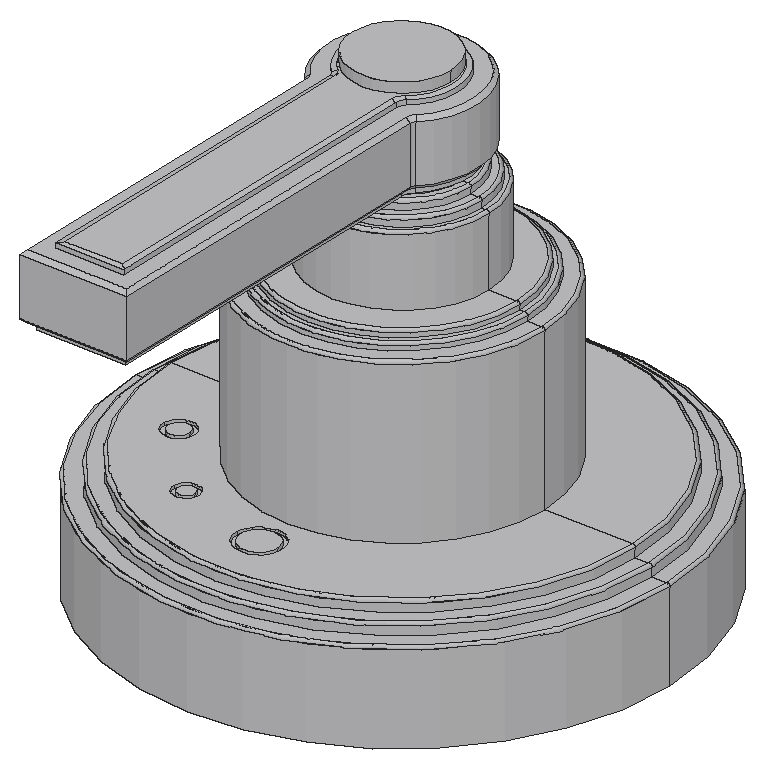
Revit family "Shower-Valve_Trim-KALLISTA-Vir_Stil-P80256", category Specialty Equipment, host Face, Revit 2021
Family settings
  Host = Face
  Round Connector Dimension = Use Diameter
  Part Type = Normal
  OmniClass Number = 23.31.25.00
  OmniClass Title = Toilet and Bath Specialties
  Cut with Voids When Loaded = No
  Shared = No
  Room Calculation Point = No
Parameters (values of type "CP-Chrome")
  Width = 3.75197"  # constant formula
  WaterSense Certified = 1 = 0  # no
  URL = "https://www.kallista.com/"
  Type = 1
  Product Page URL = ""
  Product Name = "Vir Stil"  # constant formula
  Product Documentation Link = ""
  Model = if(Type = 1, "P80256-LV-CP", if(Type = 2, "P80256-LV-SN", if(Type = 3, "P80256-LV-BAF", if(Type = 4, "P80256-LV-BN", "NA"))))  # "P80256-LV-CP"
  Material = "Premium Metal Construction"  # constant formula
  Master Format 2014 Name = "Toilet, Bath, and Laundry Accessories"  # constant formula
  Master Format 2014 = "10 28 00"  # constant formula
  Manufacturer Address = "444 Highland Dr, Kohler, WI 53044"  # constant formula
  Manufacturer = "Kallista Co."  # constant formula
  Length = 3.32677"  # constant formula
  Height = 3.75197"  # constant formula
  Handle Clearance = 2.87402"  # constant formula
  Finish = Kallista-Metal-CP-Chrome
  Environmental Product Declaration = ""
  Description = "Vir Stil Minimal , Volume Control Trim , Lever Handle"  # constant formula
  Default Elevation = 42"
  Declare Label = ""
  Date Modified = "09/15/2023"  # constant formula
  Date Created = "09/15/2023"  # constant formula
  Copyright = "Copyright Kallista Co."  # constant formula
  Contact Us = "https://www.kallista.com/corporate/contact-us/"
  Assembly Code = "C1030200"
  ADA Compliant = 1 = 0  # no
Types (5): name | Type | Model | Finish
  (no name) | 1 | "P80256-LV-CP" | Kallista-Metal-CP-Chrome
  CP-Chrome | 1 | "P80256-LV-CP" | Kallista-Metal-CP-Chrome
  SN-Polished Nickel | 2 | "P80256-LV-SN" | Kallista-Metal-SN-Polished_Nickel
  BAF-Brushed French Gold | 3 | "P80256-LV-BAF" | Kallista-Metal-BAF-Brushed_French_Gold
  BN-Brushed Nickel | 4 | "P80256-LV-BN" | Kallista-Metal-BN-Brushed_Nickel
Reference planes (in)
  plane 1 "Center (Front/Back)": y = 0
  plane 2: z = 0
  plane 3 "Center (Left/Right)": x = 0
  plane 4: x = 1.87598
  plane 5: x = -1.87598
  plane 6: y = 1.87598
  plane 7: y = -1.87598
  plane 8: x = 1.26181
  plane 9: x = 1
  plane 10: x = 0.61024
  plane 11: y = -2.87402
  plane 12: x = -0.37598
  plane 13: x = 0.37598
  plane 14: x = -0.61024
  plane 15: x = -1
  plane 16: x = -1.26181
  plane 17: y = 1.26181
  plane 18: y = -1.26181
  plane 19: z = 3.32677
  plane 20: z = 0.79921
Dimensions and locks (in)
  "Width": plane 5 to plane 4
  plane 6 to plane 11 = 4 3/4"  (x2)
  "Height": plane 6 to plane 7
  plane 16 to plane 8 = 2.52362"
  plane 12 to plane 13 = 0.75197"
  level to plane 20 = 0.79921"  (x2)
  plane 19 to level = 3.32677"
  "Handle Clearance": plane 1 "Center (Front/Back)" to plane 11
  "Length": plane 2 to plane 19
  plane 5 to plane 4 = 3.75197"
  plane 15 to plane 9 = 2"
  plane 14 to plane 10 = 1.22047"
  aligned and locked: plane 2 to host face
  aligned and locked: level to host face
Automatic sketch dimensions
  host sketch curve to host sketch curve = 96"  (x2)
Nested families (in)
  nested 1: "P80256" at (0, 0, 0), type "P80256"
Definition of nested family "P80256"
  Parameters
    Material = none
    Default Elevation = 0"
  Reference planes (in)
    plane 1 "Center (Front/Back)": y = 0
    plane 2: z = 0
    plane 3 "Center (Left/Right)": x = 0
    plane 4: y = 1.87598
    plane 5: y = -1.87598
    plane 6: x = -1.87598
    plane 7: x = 1.87598
    plane 8: x = -1.26181
    plane 9: x = 1.26181
    plane 10: y = 1.26181
    plane 11: y = -1.26181
    plane 12: x = -0.37598
    plane 13: x = 0.37598
    plane 14: x = -1
    plane 15: x = 1
    plane 16: x = -0.61024
    plane 17: x = 0.61024
    plane 18: z = 0.79921
    plane 19: z = 3.32677
    plane 20: y = -2.87402
  Forms (in)
    Revolve 1, solid, material <- "Material", detail levels medium+fine
      sketch origin (0, 0, 0) x (1, 0, 0) y (0, 0, 1)
        loop
          line (-1.87598, 0) -> (0, 0) -> (0, 2.664) -> (-0.46534, 2.664)
          arc (-0.46534, 2.664) -> (-0.47926, 2.65823) -> (-0.48503, 2.64431) r 0.01969
          line (-0.48503, 2.64431) -> (-0.48503, 2.60104) -> (-0.53901, 2.60104)
          arc (-0.53901, 2.60104) -> (-0.55293, 2.59528) -> (-0.5587, 2.58136) r 0.01969
          line (-0.5587, 2.58136) -> (-0.5587, 2.53817) -> (-0.59036, 2.53817)
          arc (-0.59036, 2.53817) -> (-0.60442, 2.53235) -> (-0.61024, 2.51829) r 0.01987
          line (-0.61024, 2.51829) -> (-0.61024, 2.04206) -> (-0.80531, 2.04206)
          arc (-0.80531, 2.04206) -> (-0.81923, 2.0363) -> (-0.825, 2.02238) r 0.01969
          line (-0.825, 2.02238) -> (-0.825, 1.99154) -> (-0.86031, 1.99154)
          arc (-0.86031, 1.99154) -> (-0.87423, 1.98578) -> (-0.88, 1.97186) r 0.01969
          line (-0.88, 1.97186) -> (-0.88, 1.94) -> (-0.98031, 1.94)
          arc (-0.98031, 1.94) -> (-0.99423, 1.93423) -> (-1, 1.92031) r 0.01969
          line (-1, 1.92031) -> (-1, 0.79921) -> (-1.61572, 0.79921)
          arc (-1.61572, 0.79921) -> (-1.62964, 0.79345) -> (-1.63541, 0.77953) r 0.01969
          line (-1.63541, 0.77953) -> (-1.63541, 0.72) -> (-1.73035, 0.72)
          arc (-1.73035, 0.72) -> (-1.74427, 0.71423) -> (-1.75004, 0.70031) r 0.01969
          line (-1.75004, 0.70031) -> (-1.75004, 0.64) -> (-1.8563, 0.64)
          arc (-1.8563, 0.64) -> (-1.87022, 0.63423) -> (-1.87598, 0.62031) r 0.01969
          line (-1.87598, 0.62031) -> (-1.87598, 0)
        axis (0, 2.664) -> (0, 0)
      angle from 0 to 360
    Sweep 2, solid, material <- "Material", detail levels medium+fine
      path origin (0, 0, 0) x (1, 0, 0) y (0, 1, 0)
        loop
          line (0.375, -2.875) -> (0.375, -0.3978)
          arc (0.375, -0.3978) -> (0.37874, -0.37801) -> (0.38945, -0.36096) r 0.0542
          arc (0.38945, -0.36096) -> (0.00081, 0.531) -> (-0.39054, -0.35977) r 0.531
          arc (-0.39054, -0.35977) -> (-0.37902, -0.37822) -> (-0.375, -0.39959) r 0.05876
          line (-0.375, -0.39959) -> (-0.375, -2.875) -> (0.375, -2.875)
      profile origin (0.375, -1.6364, 0) x (-1, 0, 0) y (0, 0, 1)
        loop
          line (0, 3.177) -> (0, 2.777) -> (0.03, 2.747) -> (0.0625, 2.747) -> (0.0625, 2.699) -> (0.11347, 2.6835) -> (0.11347, 3.207) -> (0.03, 3.207) -> (0, 3.177)
    Extrusion 3, solid, material <- "Material", detail levels medium+fine
      sketch origin (0, 0, 0) x (1, 0, 0) y (0, 1, 0)
        loop
          arc (-0.30709, -0.28289) -> (-0.27332, -0.33695) -> (-0.26153, -0.39959) r 0.17223
          line (-0.26153, -0.39959) -> (-0.26153, -2.76153) -> (0.26153, -2.76153) -> (0.26153, -0.3978)
          arc (0.26153, -0.3978) -> (0.2731, -0.33659) -> (0.30623, -0.28383) r 0.16766
          arc (0.30623, -0.28383) -> (0.00064, 0.41753) -> (-0.30709, -0.28289) r 0.41753
      from 3.177 to 3.207
    Sweep 4, solid, material <- "Material", detail levels medium+fine
      path origin (0, 0, 0) x (1, 0, 0) y (0, 1, 0)
        loop
          line (0.235, -2.735) -> (0.235, -0.34428)
          arc (0.235, -0.34428) -> (0.24116, -0.3156) -> (0.25855, -0.29198) r 0.06985
          arc (0.25855, -0.29198) -> (-0.00212, 0.38999) -> (-0.25535, -0.29478) r 0.39
          arc (-0.25535, -0.29478) -> (-0.24033, -0.31484) -> (-0.235, -0.33934) r 0.05895
          line (-0.235, -0.33934) -> (-0.235, -2.735) -> (0.235, -2.735)
      profile origin (0.235, -1.53964, 0) x (-1, 0, 0) y (0, 0, 1)
        loop
          line (0, 3.207) -> (0.03346, 3.207) -> (0.03346, 3.247) -> (0, 3.2385) -> (0, 3.207)
    Extrusion 5, solid, material <- "Material", detail levels medium+fine
      sketch origin (0, 0, 0) x (1, 0, 0) y (0, 1, 0)
        loop
          arc (0.20154, -0.34428) -> (0.21064, -0.30187) -> (0.23636, -0.26693) r 0.10332
          arc (0.23636, -0.26693) -> (-0.00194, 0.35653) -> (-0.23344, -0.26949) r 0.35654
          arc (-0.23344, -0.26949) -> (-0.20989, -0.30094) -> (-0.20154, -0.33934) r 0.09242
          line (-0.20154, -0.33934) -> (-0.20154, -2.70154) -> (0.20154, -2.70154) -> (0.20154, -0.34428)
      from 3.2385 to 3.247
    Extrusion 6, solid, material <- "Material", detail levels medium+fine
      sketch origin (0, 0, 0) x (1, 0, 0) y (0, 1, 0)
        loop
          circle (0, 0) r 0.34476
      from 3.2565 to 3.32727
    Extrusion 7, solid, material <- "Material", detail levels medium+fine
      sketch origin (0, 0, 0) x (1, 0, 0) y (0, 1, 0)
        loop
          circle (0, 0) r 0.28722
      from 3.247 to 3.2565
    Revolve 8, solid, detail levels medium+fine
      sketch origin (0, 0, 0) x (0, 1, 0) y (0, 0, 1)
        loop
          line (0, 2.699) -> (0, 2.66391) -> (0.42142, 2.66391) -> (0.42142, 2.699) -> (0, 2.699)
        axis (0, 2.66391) -> (0, 2.70328)
      angle from 0 to 360
    Extrusion 9, void
      sketch origin (0, 0, 0) x (1, 0, 0) y (0, 1, 0)
        loop
          circle (-1.23461, 0.19554) r 0.14
        loop
          circle (-1.12349, -0.54796) r 0.11
        loop
          circle (-1.12349, -0.54796) r 0.074
        loop
          circle (-0.6624, -1.06006) r 0.09
        loop
          circle (-0.6624, -1.06006) r 0.059
        loop
          circle (0, -1.25) r 0.16
        loop
          circle (0, -1.25) r 0.129
      from 0.78 to 0.8208
    Extrusion 10, solid, material <- "Material", detail levels coarse
      sketch origin (0, 0, 0) x (1, 0, 0) y (0, 1, 0)
        loop
          circle (0, 0) r 1.87598
      from 0 to 0.8
    Extrusion 11, solid, material <- "Material", detail levels coarse
      sketch origin (0, 0, 0) x (1, 0, 0) y (0, 1, 0)
        loop
          circle (0, 0) r 1.00289
      from 0.8 to 2.04388
    Extrusion 12, solid, material <- "Material", detail levels coarse
      sketch origin (0, 0, 0) x (1, 0, 0) y (0, 1, 0)
        loop
          circle (0, 0) r 0.61181
      from 2.04388 to 2.5423
    Extrusion 13, solid, material <- "Material", detail levels coarse
      sketch origin (0, 0, 0) x (1, 0, 0) y (0, 1, 0)
        loop
          circle (0.00124, 0.00247) r 0.48674
      from 2.5423 to 2.747
    Extrusion 14, solid, material <- "Material", detail levels coarse
      sketch origin (0, 0, 0) x (1, 0, 0) y (0, 1, 0)
        loop
          line (-0.375, -2.875) -> (0.375, -2.875) -> (0.375, -0.40085)
          arc (0.375, -0.40085) -> (0.37922, -0.37836) -> (0.39131, -0.35894) r 0.062
          arc (0.39131, -0.35894) -> (0, 0.531) -> (-0.39131, -0.35894) r 0.531
          arc (-0.39131, -0.35894) -> (-0.37922, -0.37836) -> (-0.375, -0.40085) r 0.062
          line (-0.375, -0.40085) -> (-0.375, -2.875)
      from 2.684 to 3.247
    Extrusion 15, solid, material <- "Material", detail levels coarse
      sketch origin (0, 0, 0) x (1, 0, 0) y (0, 1, 0)
        loop
          circle (0, 0) r 0.34476
      from 3.247 to 3.32864
  Cuts and joins
    joined: Sweep 2, Extrusion 3
    Extrusion 9 cuts Revolve 1
    joined: Revolve 1, Sweep 4, Extrusion 5, Extrusion 6, Extrusion 7
    joined: Extrusion 10, Extrusion 11, Extrusion 12, Extrusion 13, Extrusion 14, Extrusion 15
  Lines and regions (in)
    Masking region 1
      outline origin (0, 0, 0) x (1, 0, 0) y (0, 1, 0)
        loop
          line (0.37598, -2.87402) -> (0.37598, -1.83692)
          arc (0.37598, -1.83692) -> (0, 1.875) -> (-0.37598, -1.83692) r 1.875
          line (-0.37598, -1.83692) -> (-0.37598, -2.87402) -> (0.37598, -2.87402)
    Masking region 2
      outline origin (0, 0, 0) x (1, 0, 0) y (0, 0, 1)
        loop
          line (1.87598, 0) -> (1.87598, 0.62031)
          arc (1.87598, 0.62031) -> (1.87022, 0.63423) -> (1.8563, 0.64) r 0.01969
          line (1.8563, 0.64) -> (1.75004, 0.64) -> (1.75004, 0.70031)
          arc (1.75004, 0.70031) -> (1.74427, 0.71423) -> (1.73035, 0.72) r 0.01969
          line (1.73035, 0.72) -> (1.63541, 0.72) -> (1.63541, 0.77953)
          arc (1.63541, 0.77953) -> (1.62964, 0.79345) -> (1.61572, 0.79921) r 0.01969
          line (1.61572, 0.79921) -> (1, 0.79921) -> (1, 1.92031)
          arc (1, 1.92031) -> (0.99423, 1.93423) -> (0.98031, 1.94) r 0.01969
          line (0.98031, 1.94) -> (0.88, 1.94) -> (0.88, 1.97186)
          arc (0.88, 1.97186) -> (0.87423, 1.98578) -> (0.86031, 1.99154) r 0.01969
          line (0.86031, 1.99154) -> (0.825, 1.99154) -> (0.825, 2.02238)
          arc (0.825, 2.02238) -> (0.81923, 2.0363) -> (0.80531, 2.04206) r 0.01969
          line (0.80531, 2.04206) -> (0.61024, 2.04206) -> (0.61024, 2.51848)
          arc (0.61024, 2.51848) -> (0.60447, 2.5324) -> (0.59055, 2.53817) r 0.01969
          line (0.59055, 2.53817) -> (0.5587, 2.53817) -> (0.5587, 2.58128)
          arc (0.5587, 2.58128) -> (0.55291, 2.59525) -> (0.53893, 2.60104) r 0.01977
          line (0.53893, 2.60104) -> (0.48503, 2.60104) -> (0.48503, 2.64431)
          arc (0.48503, 2.64431) -> (0.47926, 2.65823) -> (0.46534, 2.664) r 0.01969
          line (0.46534, 2.664) -> (0.4, 2.664) -> (0.4, 2.699) -> (0.4685, 2.699) -> (0.4685, 2.747) -> (0.501, 2.747) -> (0.531, 2.777) -> (0.531, 3.177) -> (0.501, 3.207) -> (0.39, 3.207) -> (0.39, 3.23805) -> (0.3566, 3.247) -> (0.25586, 3.247) -> (0.28676, 3.25704) -> (0.34255, 3.25704) -> (0.34255, 3.32677) -> (-0.34255, 3.32677) -> (-0.34255, 3.25704) -> (-0.28676, 3.25704) -> (-0.25586, 3.247) -> (-0.3566, 3.247) -> (-0.39, 3.23805) -> (-0.39, 3.207) -> (-0.501, 3.207) -> (-0.531, 3.177) -> (-0.531, 2.777) -> (-0.501, 2.747) -> (-0.4685, 2.747) -> (-0.4685, 2.699) -> (-0.4, 2.699) -> (-0.4, 2.664) -> (-0.46534, 2.664)
          arc (-0.46534, 2.664) -> (-0.47926, 2.65823) -> (-0.48503, 2.64431) r 0.01969
          line (-0.48503, 2.64431) -> (-0.48503, 2.60104) -> (-0.53893, 2.60104)
          arc (-0.53893, 2.60104) -> (-0.55291, 2.59525) -> (-0.5587, 2.58128) r 0.01977
          line (-0.5587, 2.58128) -> (-0.5587, 2.53817) -> (-0.59055, 2.53817)
          arc (-0.59055, 2.53817) -> (-0.60447, 2.5324) -> (-0.61024, 2.51848) r 0.01969
          line (-0.61024, 2.51848) -> (-0.61024, 2.04206) -> (-0.80531, 2.04206)
          arc (-0.80531, 2.04206) -> (-0.81923, 2.0363) -> (-0.825, 2.02238) r 0.01969
          line (-0.825, 2.02238) -> (-0.825, 1.99154) -> (-0.86031, 1.99154)
          arc (-0.86031, 1.99154) -> (-0.87423, 1.98578) -> (-0.88, 1.97186) r 0.01969
          line (-0.88, 1.97186) -> (-0.88, 1.94) -> (-0.98031, 1.94)
          arc (-0.98031, 1.94) -> (-0.99423, 1.93423) -> (-1, 1.92031) r 0.01969
          line (-1, 1.92031) -> (-1, 0.79921) -> (-1.61572, 0.79921)
          arc (-1.61572, 0.79921) -> (-1.62964, 0.79345) -> (-1.63541, 0.77953) r 0.01969
          line (-1.63541, 0.77953) -> (-1.63541, 0.72) -> (-1.73035, 0.72)
          arc (-1.73035, 0.72) -> (-1.74427, 0.71423) -> (-1.75004, 0.70031) r 0.01969
          line (-1.75004, 0.70031) -> (-1.75004, 0.64) -> (-1.8563, 0.64)
          arc (-1.8563, 0.64) -> (-1.87022, 0.63423) -> (-1.87598, 0.62031) r 0.01969
          line (-1.87598, 0.62031) -> (-1.87598, 0) -> (1.87598, 0)
    Masking region 3
      outline origin (0, 0, 0) x (0, 1, 0) y (0, 0, 1)
        loop
          line (1.87598, 0) -> (1.87598, 0.62031)
          arc (1.87598, 0.62031) -> (1.87022, 0.63423) -> (1.8563, 0.64) r 0.01969
          line (1.8563, 0.64) -> (1.75, 0.64) -> (1.75, 0.70031)
          arc (1.75, 0.70031) -> (1.74423, 0.71423) -> (1.73031, 0.72) r 0.01969
          line (1.73031, 0.72) -> (1.6355, 0.72) -> (1.6355, 0.77953)
          arc (1.6355, 0.77953) -> (1.62973, 0.79345) -> (1.61581, 0.79921) r 0.01969
          line (1.61581, 0.79921) -> (0.99703, 0.79921) -> (0.99703, 1.92024)
          arc (0.99703, 1.92024) -> (0.99127, 1.93416) -> (0.97735, 1.93993) r 0.01969
          line (0.97735, 1.93993) -> (0.88057, 1.93993) -> (0.88057, 1.97079)
          arc (0.88057, 1.97079) -> (0.87481, 1.98471) -> (0.86089, 1.99047) r 0.01968
          line (0.86089, 1.99047) -> (0.82502, 1.99047) -> (0.82502, 2.02345)
          arc (0.82502, 2.02345) -> (0.81925, 2.03737) -> (0.80534, 2.04313) r 0.01968
          line (0.80534, 2.04313) -> (0.60683, 2.04313) -> (0.60683, 2.51906)
          arc (0.60683, 2.51906) -> (0.60107, 2.53298) -> (0.58715, 2.53874) r 0.01969
          line (0.58715, 2.53874) -> (0.55249, 2.53874) -> (0.55249, 2.58179)
          arc (0.55249, 2.58179) -> (0.54669, 2.5958) -> (0.53269, 2.6016) r 0.01981
          line (0.53269, 2.6016) -> (0.48508, 2.6016) -> (0.48508, 2.64502)
          arc (0.48508, 2.64502) -> (0.47931, 2.65894) -> (0.46539, 2.66471) r 0.01969
          line (0.46539, 2.66471) -> (0.40023, 2.66471) -> (0.40023, 2.699) -> (0.4685, 2.699) -> (0.4685, 2.747) -> (0.501, 2.747) -> (0.531, 2.777) -> (0.531, 3.177) -> (0.501, 3.207) -> (0.39, 3.207) -> (0.39, 3.24349) -> (0.3557, 3.247) -> (0.27918, 3.247) -> (0.3084, 3.25706) -> (0.34373, 3.25706) -> (0.34373, 3.32677) -> (-0.34373, 3.32677) -> (-0.34373, 3.25706) -> (-0.3084, 3.25706) -> (-0.27918, 3.247) -> (-2.70308, 3.247) -> (-2.73482, 3.2385) -> (-2.73482, 3.207) -> (-2.845, 3.207) -> (-2.875, 3.177) -> (-2.875, 2.699) -> (-2.84283, 2.684) -> (-0.36681, 2.684) -> (-0.40023, 2.66471) -> (-0.46539, 2.66471)
          arc (-0.46539, 2.66471) -> (-0.47931, 2.65894) -> (-0.48508, 2.64502) r 0.01969
          line (-0.48508, 2.64502) -> (-0.48508, 2.6016) -> (-0.53269, 2.6016)
          arc (-0.53269, 2.6016) -> (-0.54669, 2.5958) -> (-0.55249, 2.58179) r 0.01981
          line (-0.55249, 2.58179) -> (-0.55249, 2.53874) -> (-0.58715, 2.53874)
          arc (-0.58715, 2.53874) -> (-0.60107, 2.53298) -> (-0.60683, 2.51906) r 0.01969
          line (-0.60683, 2.51906) -> (-0.60683, 2.04313) -> (-0.80534, 2.04313)
          arc (-0.80534, 2.04313) -> (-0.81925, 2.03737) -> (-0.82502, 2.02345) r 0.01968
          line (-0.82502, 2.02345) -> (-0.82502, 1.99047) -> (-0.86089, 1.99047)
          arc (-0.86089, 1.99047) -> (-0.87481, 1.98471) -> (-0.88057, 1.97079) r 0.01968
          line (-0.88057, 1.97079) -> (-0.88057, 1.93993) -> (-0.97735, 1.93993)
          arc (-0.97735, 1.93993) -> (-0.99127, 1.93416) -> (-0.99703, 1.92024) r 0.01969
          line (-0.99703, 1.92024) -> (-0.99703, 0.79921) -> (-1.61581, 0.79921)
          arc (-1.61581, 0.79921) -> (-1.62973, 0.79345) -> (-1.6355, 0.77953) r 0.01969
          line (-1.6355, 0.77953) -> (-1.6355, 0.72) -> (-1.73031, 0.72)
          arc (-1.73031, 0.72) -> (-1.74423, 0.71423) -> (-1.75, 0.70031) r 0.01969
          line (-1.75, 0.70031) -> (-1.75, 0.64) -> (-1.8563, 0.64)
          arc (-1.8563, 0.64) -> (-1.87022, 0.63423) -> (-1.87598, 0.62031) r 0.01969
          line (-1.87598, 0.62031) -> (-1.87598, 0) -> (1.87598, 0)
    symbolic lines, detail levels medium+fine
      curve 1: arc (0.37598, -0.92975, 0) -> (0, 1.00289, 0) -> (-0.37598, -0.92975, 0) r 1.00289
      curve 2: arc (0.37598, -0.90961, 0) -> (0, 0.98425, 0) -> (-0.37598, -0.90961, 0) r 0.98425
      curve 3: arc (0.37598, -0.79721, 0) -> (0, 0.88142, 0) -> (-0.37598, -0.79721, 0) r 0.88142
      curve 4: arc (0.37598, -0.7733, 0) -> (0, 0.85986, 0) -> (-0.37598, -0.7733, 0) r 0.85986
      curve 5: arc (0.37598, -0.73433, 0) -> (0, 0.82499, 0) -> (-0.37598, -0.73433, 0) r 0.82499
      curve 6: arc (0.37598, -0.7118, 0) -> (0, 0.805, 0) -> (-0.37598, -0.7118, 0) r 0.805
      curve 7: arc (0.37598, -0.48264, 0) -> (0, 0.61181, 0) -> (-0.37598, -0.48264, 0) r 0.61181
      curve 8: arc (0.37598, -0.46335, 0) -> (0, 0.59671, 0) -> (-0.37598, -0.46335, 0) r 0.59671
      curve 9: arc (0.37598, -0.41384, 0) -> (0, 0.55913, 0) -> (-0.37598, -0.41384, 0) r 0.55913
      curve 10: arc (0.37601, -0.39437, 0) -> (0.00016, 0.5449, 0) -> (-0.37624, -0.39415, 0) r 0.5449
      curve 11: arc (0.38986, -0.36051, 0) -> (0.00173, 0.531, 0) -> (-0.39221, -0.35796, 0) r 0.531
      curve 12: arc (0.3677, -0.34029, 0) -> (-0.00066, 0.501, 0) -> (-0.36681, -0.34125, 0) r 0.501
      curve 13: arc (0.25282, -0.29741, 0) -> (0.00151, 0.39035, 0) -> (-0.25511, -0.29545, 0) r 0.39035
      curve 14: arc (0.24659, -0.28253, 0) -> (-0.00027, 0.375, 0) -> (-0.24617, -0.28288, 0) r 0.375
      curve 15: circle (0, 0, 0) r 0.34476 normal (0, 0, 1)
      curve 16: circle (0, 0, 0) r 0.14026 normal (0, 0, 1)
      curve 17: arc (-1.37461, 0.19554, 0) -> (-1.23461, 0.05554, 0) -> (-1.09461, 0.19554, 0) r 0.14
      curve 18: arc (-1.09461, 0.19554, 0) -> (-1.23461, 0.33554, 0) -> (-1.37461, 0.19554, 0) r 0.14
      curve 19: arc (-1.23349, -0.54796, 0) -> (-1.12349, -0.65796, 0) -> (-1.01349, -0.54796, 0) r 0.11
      curve 20: arc (-1.01349, -0.54796, 0) -> (-1.12349, -0.43796, 0) -> (-1.23349, -0.54796, 0) r 0.11
      curve 21: arc (-1.04949, -0.54796, 0) -> (-1.12349, -0.47396, 0) -> (-1.19749, -0.54796, 0) r 0.074
      curve 22: arc (-1.19749, -0.54796, 0) -> (-1.12349, -0.62196, 0) -> (-1.04949, -0.54796, 0) r 0.074
      curve 23: arc (-0.5724, -1.06006, 0) -> (-0.6624, -0.97006, 0) -> (-0.7524, -1.06006, 0) r 0.09
      curve 24: arc (-0.7524, -1.06006, 0) -> (-0.6624, -1.15006, 0) -> (-0.5724, -1.06006, 0) r 0.09
      curve 25: arc (-0.7214, -1.06006, 0) -> (-0.6624, -1.11906, 0) -> (-0.6034, -1.06006, 0) r 0.059
      curve 26: arc (-0.6034, -1.06006, 0) -> (-0.6624, -1.00106, 0) -> (-0.7214, -1.06006, 0) r 0.059
      curve 27: line (0.345, -2.845, 0) -> (0.345, -0.39825, 0)
      curve 28: line (-0.345, -0.39671, 0) -> (-0.345, -2.845, 0)
      curve 29: line (-0.345, -2.845, 0) -> (0.345, -2.845, 0)
      curve 30: line (0.375, -2.875, 0) -> (0.345, -2.845, 0)
      curve 31: line (-0.375, -2.875, 0) -> (-0.345, -2.845, 0)
      curve 32: line (-0.235, -0.33939, 0) -> (-0.235, -2.735, 0)
      curve 33: line (-0.22, -0.34036, 0) -> (-0.22, -2.72, 0)
      curve 34: line (-0.22, -2.72, 0) -> (0.22, -2.72, 0)
      curve 35: line (-0.235, -2.735, 0) -> (0.235, -2.735, 0)
      curve 36: line (0.235, -2.735, 0) -> (0.235, -0.33596, 0)
      curve 37: line (0.22, -2.72, 0) -> (0.22, -0.34102, 0)
      curve 38: line (0.37598, -1.83692, 0) -> (0.37598, -0.39596, 0)
      curve 39: arc (0.37598, -1.81881, 0) -> (0, 1.85727, 0) -> (-0.37598, -1.81881, 0) r 1.85727
      curve 40: arc (0.37598, -1.69479, 0) -> (0, 1.73599, 0) -> (-0.37598, -1.69479, 0) r 1.73599
      curve 41: arc (0.37598, -1.70913, 0) -> (0, 1.75, 0) -> (-0.37598, -1.70913, 0) r 1.75
      curve 42: arc (0.37598, -1.57786, 0) -> (0, 1.62204, 0) -> (-0.37598, -1.57786, 0) r 1.62204
      curve 43: arc (0.37598, -1.5917, 0) -> (0, 1.6355, 0) -> (-0.37598, -1.5917, 0) r 1.6355
      curve 44: line (-0.37598, -1.83692, 0) -> (-0.37598, -0.3998, 0)
      curve 45: arc (-0.24617, -0.28288, 0) -> (-0.22685, -0.30878, 0) -> (-0.22, -0.34036, 0) r 0.07619
      curve 46: arc (-0.25511, -0.29545, 0) -> (-0.24027, -0.31523, 0) -> (-0.235, -0.33939, 0) r 0.05804
      curve 47: arc (-0.36681, -0.34125, 0) -> (-0.35065, -0.36691, 0) -> (-0.345, -0.39671, 0) r 0.08141
      curve 48: arc (-0.39221, -0.35796, 0) -> (-0.38018, -0.37736, 0) -> (-0.37598, -0.3998, 0) r 0.06206
      curve 49: arc (0.235, -0.33596, 0) -> (0.23967, -0.31472, 0) -> (0.25282, -0.29741, 0) r 0.05059
      curve 50: arc (0.22, -0.34102, 0) -> (0.22696, -0.30889, 0) -> (0.24659, -0.28253, 0) r 0.07764
      curve 51: arc (0.37598, -0.39596, 0) -> (0.37958, -0.37693, 0) -> (0.38986, -0.36051, 0) r 0.05221
      curve 52: arc (0.345, -0.39825, 0) -> (0.35088, -0.36712, 0) -> (0.3677, -0.34029, 0) r 0.08533
      curve 53: line (1.75004, 0, 0.64) -> (-1.75004, 0, 0.64)
      curve 54: line (1.87598, 0, 0.62031) -> (-1.87598, 0, 0.62031)
      curve 55: line (1.63541, 0, 0.72) -> (-1.63541, 0, 0.72)
      curve 56: line (1.75004, 0, 0.70031) -> (-1.75004, 0, 0.70031)
      curve 57: line (1, 0, 0.79921) -> (-1, 0, 0.79921)
      curve 58: line (1.63541, 0, 0.77953) -> (-1.63541, 0, 0.77953)
      curve 59: line (0.88, 0, 1.94) -> (-0.88, 0, 1.94)
      curve 60: line (1, 0, 1.92031) -> (-1, 0, 1.92031)
      curve 61: line (0.825, 0, 1.99154) -> (-0.825, 0, 1.99154)
      curve 62: line (0.88, 0, 1.97186) -> (-0.88, 0, 1.97186)
      curve 63: line (0.61024, 0, 2.04206) -> (-0.61024, 0, 2.04206)
      curve 64: line (0.825, 0, 2.02238) -> (-0.825, 0, 2.02238)
      curve 65: line (0.531, 0, 2.777) -> (-0.531, 0, 2.777)
      curve 66: line (0.4685, 0, 2.747) -> (-0.4685, 0, 2.747)
      curve 67: line (0.4, 0, 2.699) -> (-0.4, 0, 2.699)
      curve 68: line (0.4, 0, 2.664) -> (-0.4, 0, 2.664)
      curve 69: line (0.5587, 0, 2.53817) -> (-0.5587, 0, 2.53817)
      curve 70: line (0.61024, 0, 2.51848) -> (-0.61024, 0, 2.51848)
      curve 71: line (0.48503, 0, 2.60104) -> (-0.48503, 0, 2.60104)
      curve 72: line (0.5587, 0, 2.58128) -> (-0.5587, 0, 2.58128)
      curve 73: line (0.48503, 0, 2.64431) -> (-0.48503, 0, 2.64431)
      curve 74: line (0.4, 0, 2.6815) -> (-0.40066, 0, 2.6815)
      curve 75: line (0.531, 0, 3.177) -> (-0.531, 0, 3.177)
      curve 76: line (0.39, 0, 3.207) -> (-0.39, 0, 3.207)
      curve 77: line (0.28676, 0, 3.25704) -> (-0.28676, 0, 3.25704)
      curve 78: line (0.25586, 0, 3.247) -> (-0.25586, 0, 3.247)
      curve 79: line (0.39, 0, 3.23805) -> (-0.39, 0, 3.23805)
      curve 80: line (0, -2.875, 2.747) -> (0, 0.4685, 2.747)
      curve 81: line (0, 0.531, 2.777) -> (0, -2.875, 2.777)
      curve 82: line (0, -0.36681, 2.684) -> (0, 0.40023, 2.684)
      curve 83: line (0, 0.40023, 2.699) -> (0, -2.875, 2.699)
      curve 84: line (0, -0.4, 2.664) -> (0, 0.4, 2.664)
      curve 85: line (0, 0.48508, 2.64502) -> (0, -0.48508, 2.64502)
      curve 86: line (0, 0.48508, 2.6016) -> (0, -0.48508, 2.6016)
      curve 87: line (0, 0.55249, 2.58179) -> (0, -0.55249, 2.58179)
      curve 88: line (0, 0.55249, 2.53874) -> (0, -0.55249, 2.53874)
      curve 89: line (0, 0.60683, 2.51906) -> (0, -0.60683, 2.51906)
      curve 90: line (0, 0.60683, 2.04313) -> (0, -0.60683, 2.04313)
      curve 91: line (0, 0.82502, 1.99047) -> (0, -0.82502, 1.99047)
      curve 92: line (0, 0.82502, 2.02345) -> (0, -0.82502, 2.02345)
      curve 93: line (0, 0.88057, 1.97079) -> (0, -0.88057, 1.97079)
      curve 94: line (0, 0.88057, 1.93993) -> (0, -0.88057, 1.93993)
      curve 95: line (0, 0.99703, 1.92024) -> (0, -0.99703, 1.92024)
      curve 96: line (0, 0.99703, 0.79921) -> (0, -0.99703, 0.79921)
      curve 97: line (0, -1.6355, 0.72) -> (0, 1.6355, 0.72)
      curve 98: line (0, -1.75, 0.64) -> (0, 1.75, 0.64)
      curve 99: line (0, 1.87598, 0.62031) -> (0, -1.875, 0.62031)
      curve 100: line (0, 1.75, 0.70031) -> (0, -1.75, 0.70031)
      curve 101: line (0, 1.6355, 0.77953) -> (0, -1.6355, 0.77953)
      curve 102: line (0, 0.531, 3.177) -> (0, -2.875, 3.177)
      curve 103: line (0, 0.39, 3.207) -> (0, -2.73482, 3.207)
      curve 104: line (0, -2.73482, 3.2385) -> (0, 0.39141, 3.2385)
      curve 105: line (0, 0.27918, 3.247) -> (0, -0.27918, 3.247)
      curve 106: line (0, 0.3084, 3.25706) -> (0, -0.3084, 3.25706)
  Dimensions and locks (in)
    plane 5 to plane 4 = 3.75197"
    plane 6 to plane 7 = 3.75197"
    plane 8 to plane 9 = 2.52362"
    plane 11 to plane 10 = 2.52362"
    plane 12 to plane 13 = 0.75197"
    plane 15 to plane 14 = 2"  (x2)
    plane 17 to plane 16 = 1.22047"  (x2)
    plane 18 to level = 0.79921"  (x2)
    plane 19 to level = 3.32677"  (x2)
    plane 1 "Center (Front/Back)" to plane 20 = 2.87402"
    plane 4 to plane 20 = 4 3/4"
    plane 7 to plane 6 = 3.75197"
    level to plane 19 = 3.32677"
    level to plane 18 = 0.79921"
    aligned and locked: plane 2 to level
